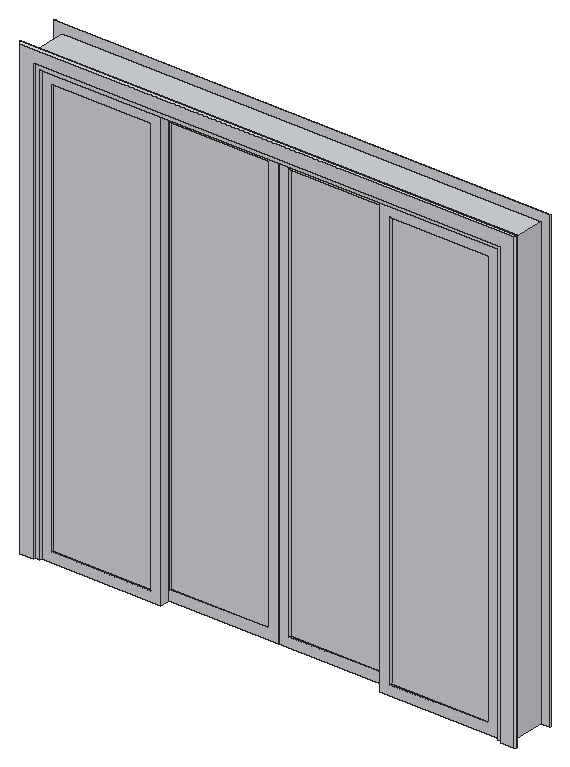
Revit family "Porta veneziana corrediça quádrupla com revestimento", category Portas, Revit 2019
Family settings
  Hospedeiro = Parede
  Número OmniClass = 23.30.10.00
  Título OmniClass = Doors
  Sempre na vertical = Sim
  Corte com vazios quando carregada = Não
  Compartilhado = Não
  Ponto de cálculo do ambiente = Não
Parameters (values of type "2320 x 2180mm")
  Visual Light Transmittance = 0
  Largura da apara = 70 mm
  Espessura da apara = 10 mm
  Material da apara = none
  Espessura = Espessura da moldura do painel * 2 + 10 mm  # 90 mm
  Solar Heat Gain Coefficient = 0
  Rough Width = Width  # 2320 mm
  Rough Height = Height  # 2180 mm
  Largura da moldura do painel = 50 mm
  Espessura da moldura do painel = 40 mm
  ID do tipo de construção = ""
  Coeficiente de transferência de calor (U) = 3.7021 W/(m²·K)
  Largura do puxador = 40 mm
  Material do puxador = none
  Material do painel = none
  Altura do puxador = 200 mm
  Função = Exterior
  Largura da estrutura = 50 mm
  Height = 2180 mm
  Fechamento da parede = Por hospedeiro
  Width = 2320 mm
  Material da moldura = none
  Construção analítica = Metal
Types (5, lengths in mm): name | Rough Width | Width
  (no name) | 2320 | 2320
  2320 x 2180mm | 2320 | 2320
  2720 x 2180mm | 2720 | 2720
  3120 x 2180mm | 3120 | 3120
  3520 x 2180mm | 3520 | 3520
Reference planes
  plane 1: y = 0
  plane 2 "Centro (Esquerda/Direita)": x = 0
  plane 3 "Esquerda": x = -1160
  plane 4 "Direita": x = 1160
  plane 5: z = 2180
  plane 6 "Exterior": y = 100
  plane 7 "Interior": y = -100
  plane 8: x = -1110
  plane 9: x = -1060
  plane 10: x = 1060
  plane 11: x = 1110
  plane 12: y = -50
  plane 13: z = 0
  plane 14: z = 2130
  plane 15: z = 1065
  plane 16: x = 555
  plane 17: x = -555
  plane 18: z = 1100
  plane 19: y = -90
  plane 20: y = -40
  plane 21: y = 0
  plane 22: y = -70
  plane 23: y = -20
  plane 24: y = -8
  plane 25: y = -32
  plane 26: y = -58
  plane 27: y = -82
  plane 28: x = -580
  plane 29: x = -530
  plane 30: x = 580
  plane 31: x = 530
  plane 32: x = -50
  plane 33: x = 50
  plane 34: x = 290
  plane 35: x = -290
  plane 36: z = 2080
  plane 37: z = 50
  plane 38: z = 900
  plane 39: x = -25
  plane 40: x = 25
  plane 41: z = 1000
  plane 42: z = 800
  plane 43: x = 45
  plane 44: x = 5
  plane 45: x = -5
  plane 46: x = -45
  plane 47: z = 962
  plane 48: z = 838
  plane 49: x = 42
  plane 50: x = 8
  plane 51: x = -8
  plane 52: x = -42
  plane 53: x = 427.5
  plane 54: x = 152.5
  plane 55: through (427.5, 300, 1065) normal (0.5, 0, 0.866)
  plane 56: through (427.5, 300, 1065) normal (-0.5, 0, 0.866)
  plane 57: x = -427.5
  plane 58: x = -152.5
  plane 59: through (-427.5, 300, 1065) normal (0.5, 0, -0.866)
  plane 60: through (-427.5, 300, 1065) normal (-0.5, 0, -0.866)
Forms (mm)
  Sweep 1, solid, material <- "Material da moldura"
    path origin (0, 100, 0) x (1, 0, 0) y (0, 0, 1)
      loop
        line (1160, 0) -> (1160, 2180) -> (-1160, 2180) -> (-1160, 0)
    profile origin (1160, 100, 1090) x (-1, 0, 0) y (0, -1, 0)
      loop
        line (0, 0) -> (50, 0) -> (50, 200) -> (0, 200) -> (0, 0)
  Sweep 2, solid, material <- "Material da moldura"
    path origin (0, 100, 0) x (-1, 0, 0) y (0, 0, 1)
      loop
        line (0, 0) -> (580, 0) -> (580, 2130) -> (0, 2130) -> (0, 0)
    profile origin (0, 100, 1065) x (-1, 0, 0) y (0, -1, 0)
      loop
        line (50, 140) -> (0, 140) -> (0, 100) -> (50, 100) -> (50, 140)
  Extrusion 3, solid, material <- "Material do painel"
    sketch origin (0, 0, 0) x (-1, 0, 0) y (0, -1, 0)
      loop
        line (1060, 58) -> (1060, 82) -> (580, 82) -> (580, 58) -> (1060, 58)
      loop
        line (530, 8) -> (530, 32) -> (50, 32) -> (50, 8) -> (530, 8)
    from 50 to 2080
  Extrusion 4, solid, material <- "Material do painel"
    sketch origin (0, 0, 0) x (1, 0, 0) y (0, 1, 0)
      loop
        line (50, -8) -> (50, -32) -> (530, -32) -> (530, -8) -> (50, -8)
      loop
        line (580, -58) -> (580, -82) -> (1060, -82) -> (1060, -58) -> (580, -58)
    from 50 to 2080
  Sweep 5, solid, material <- "Material da moldura"
    path origin (0, 100, 100) x (1, 0, 0) y (0, 0, 1)
      loop
        line (1110, -100) -> (1110, 2030) -> (530, 2030) -> (530, -100) -> (1110, -100)
    profile origin (1110, 100, 1065) x (-1, 0, 0) y (0, -1, 0)
      loop
        line (50, 190) -> (0, 190) -> (0, 150) -> (50, 150) -> (50, 190)
  Sweep 6, solid, material <- "Material da moldura"
    path origin (0, 100, 100) x (-1, 0, 0) y (0, 0, 1)
      loop
        line (1110, -100) -> (1110, 2030) -> (530, 2030) -> (530, -100) -> (1110, -100)
    profile origin (-1110, 100, 1065) x (-1, 0, 0) y (0, -1, 0)
      loop
        line (0, 150) -> (0, 190) -> (-50, 190) -> (-50, 150) -> (0, 150)
  Sweep 7, solid, material <- "Material da moldura"
    path origin (0, 180, 0) x (1, 0, 0) y (0, 0, 1)
      loop
        line (0, 0) -> (580, 0) -> (580, 2130) -> (0, 2130) -> (0, 0)
    profile origin (0, 180, 1065) x (-1, 0, 0) y (0, -1, 0)
      loop
        line (0, 180) -> (0, 220) -> (-50, 220) -> (-50, 180) -> (0, 180)
  Extrusion 8, solid, material <- "Material do painel", detail levels medium+fine
    sketch origin (107.51, 280.074, 0) x (-1, 0, 0) y (0, -1, 0)
      loop
        line (1167.51, 338.074) -> (1167.51, 362.074) -> (687.51, 362.074) -> (687.51, 338.074) -> (1167.51, 338.074)
      loop
        line (637.51, 312.074) -> (157.51, 312.074) -> (157.51, 288.074) -> (637.51, 288.074) -> (637.51, 312.074)
    from 50 to 2080
  Extrusion 9, solid, material <- "Material do painel", detail levels medium+fine
    sketch origin (107.51, 280.074, 0) x (1, 0, 0) y (0, 1, 0)
      loop
        line (-57.51, -288.074) -> (-57.51, -312.074) -> (422.49, -312.074) -> (422.49, -288.074) -> (-57.51, -288.074)
      loop
        line (472.49, -362.074) -> (952.49, -362.074) -> (952.49, -338.074) -> (472.49, -338.074) -> (472.49, -362.074)
    from 50 to 2080
  Sweep 10, solid, material <- "Material da apara", detail levels fine
    path origin (0, -100, 0) x (1, 0, 0) y (0, 0, 1)
      loop
        line (1160, 0) -> (1160, 2180) -> (-1160, 2180) -> (-1160, 0)
    profile "Perfil da apara : Perfil da apara" origin (1160, -100, 1090) x (-1, 0, 0) y (0, -1, 0)
      loop
        line (-43, 0) -> (27, 0) -> (27, 10) -> (-37, 10) -> (-43, 4) -> (-43, 0)
  Sweep 11, solid, material <- "Material da apara", detail levels fine
    path origin (0, 100, 0) x (1, 0, 0) y (0, 0, 1)
      loop
        line (1160, 0) -> (1160, 2180) -> (-1160, 2180) -> (-1160, 0)
    profile "Perfil da apara : Perfil da apara" origin (1160, 100, 1090) x (-1, 0, 0) y (0, -1, 0)
      loop
        line (-43, 0) -> (-43, -4) -> (-37, -10) -> (27, -10) -> (27, 0) -> (-43, 0)
Lines and regions (mm)
  Opening 1
    outline origin (-3050, -100, 0) x (1, 0, 0) y (0, 0, 1)
      loop
        line (1890, 0) -> (4210, 0) -> (4210, 2180) -> (1890, 2180) -> (1890, 0)
  symbolic lines, style "Giro da elevação"
    curve 1: line (-580, 100, 2130) -> (0, 100, 0)
    curve 2: line (0, 100, 0) -> (580, 100, 2130)
    curve 3: line (580, 100, 0) -> (0, 100, 2130)
    curve 4: line (0, 100, 2130) -> (-580, 100, 0)
  symbolic lines, style "Seta"
    curve 5: line (152.5, 100, 1065) -> (427.5, 100, 1065)
    curve 6: line (427.5, 100, 1065) -> (349.558, 100, 1110)
    curve 7: line (427.5, 100, 1065) -> (349.558, 100, 1020)
    curve 8: line (-152.5, 100, 1065) -> (-427.5, 100, 1065)
    curve 9: line (-427.5, 100, 1065) -> (-349.558, 100, 1110)
    curve 10: line (-427.5, 100, 1065) -> (-349.558, 100, 1020)
Text (mm)
  text "Externo" at (-2295.016, 1099.543, 0), in view "Nível de referência"
  text "Externo" at (0, 1615.38, 3698.081), in view "Esquerda"
  text "Externo" at (0, 1036.032, 3874.932), in view "Direita"
Dimensions and locks
  equal spacing: plane 3 "Esquerda", plane 2 "Centro (Esquerda/Direita)", plane 4 "Direita"
  "Width": plane 3 "Esquerda" to plane 4 "Direita"
  "Height": host wall to plane 5
  host wall to plane 5 = 2180 mm
  locked: plane 6 "Exterior" to host wall at 0
  locked: plane 7 "Interior" to host wall
  "Largura da estrutura": plane 3 "Esquerda" to plane 8
  "Largura da estrutura": plane 11 to plane 4 "Direita"
  "Largura da moldura do painel": plane 8 to plane 9
  "Largura da moldura do painel": plane 10 to plane 11
  "Largura da estrutura": plane 14 to plane 5
  equal spacing: plane 31, plane 16, plane 30
  equal spacing: plane 28, plane 17, plane 29
  "Largura da moldura do painel": plane 28 to plane 29
  "Largura da moldura do painel": plane 31 to plane 30
  "Largura da moldura do painel": plane 32 to plane 2 "Centro (Esquerda/Direita)"
  "Largura da moldura do painel": plane 2 "Centro (Esquerda/Direita)" to plane 33
  equal spacing: plane 2 "Centro (Esquerda/Direita)", plane 16, plane 11
  equal spacing: plane 8, plane 17, plane 2 "Centro (Esquerda/Direita)"
  equal spacing: plane 30, plane 34, plane 2 "Centro (Esquerda/Direita)"
  equal spacing: plane 2 "Centro (Esquerda/Direita)", plane 35, plane 28
  locked: plane 20 to plane 12 at 10
  "Espessura da moldura do painel": plane 12 to plane 19
  equal spacing: plane 12, plane 22, plane 19
  plane 26 to plane 22 to plane 27 = 12 mm locked, 12 mm locked
  locked: plane 19 to plane 7 "Interior" at 10
  "Espessura da moldura do painel": plane 21 to plane 20
  equal spacing: plane 21, plane 23, plane 20
  plane 24 to plane 23 to plane 25 = 12 mm locked, 12 mm locked
  "Largura da moldura do painel": plane 14 to plane 36
  "Largura da moldura do painel": plane 13 to plane 37
  equal spacing: plane 37, plane 15, plane 36
  locked: plane 13 to plane 38 at 900
  equal spacing: plane 32, plane 39, plane 2 "Centro (Esquerda/Direita)"
  equal spacing: plane 2 "Centro (Esquerda/Direita)", plane 40, plane 33
  equal spacing: plane 42, plane 38, plane 41
  "Altura do puxador": plane 42 to plane 41
  equal spacing: plane 46, plane 39, plane 45
  equal spacing: plane 44, plane 40, plane 43
  "Largura do puxador": plane 44 to plane 43
  "Largura do puxador": plane 46 to plane 45
  locked: plane 47 to plane 41 at 38
  locked: plane 42 to plane 48 at 38
  locked: plane 49 to plane 43 at 3
  locked: plane 44 to plane 50 at 3
  locked: plane 51 to plane 45 at 3
  locked: plane 46 to plane 52 at 3
  equal spacing: plane 54, plane 34, plane 53
  locked: plane 54 to plane 53 at 275
  locked: curve 6 to curve 7 at 90
  locked: curve 7 to curve 7 at 90
  equal spacing: plane 58, plane 35, plane 57
  locked: plane 58 to plane 57 at 275
  locked: curve 9 to curve 10 at 90
  locked: curve 10 to curve 10 at 90
  locked: plane 15 to plane 55 (angle 30.00°)
  locked: plane 56 to plane 15 (angle 30.00°)
  locked: plane 59 to plane 15 (angle 30.00°)
  locked: plane 15 to plane 60 (angle 30.00°)
  aligned and locked: plane 3 "Esquerda" to Opening 1 sketch curve
  aligned and locked: plane 5 to Opening 1 sketch curve  (x2)
  aligned and locked: Opening 1 sketch curve to plane 4 "Direita"
  aligned and locked: Opening 1 sketch curve to level
  aligned and locked: plane 1 to host wall
  aligned and locked: plane 13 to level
  aligned and locked: Sweep 1 sketch curve to plane 3 "Esquerda"
  aligned and locked: plane 5 to Sweep 1 sketch curve
  aligned and locked: plane 4 "Direita" to Sweep 1 sketch curve
  aligned and locked: Sweep 1 sketch curve to profile plane
  aligned and locked: Sweep 1 sketch curve to host wall
  aligned and locked: host wall to Sweep 1 sketch curve
  aligned and locked: Sweep 1 sketch curve to plane 11
  aligned and locked: Sweep 2 sketch curve to plane 14
  aligned and locked: plane 13 to Sweep 2 sketch curve
  aligned and locked: plane 9 to Extrusion 3 sketch curve
  aligned and locked: Extrusion 3 sketch curve to plane 24
  aligned and locked: plane 25 to Extrusion 3 sketch curve
  aligned and locked: Extrusion 3 sketch curve to plane 26
  aligned and locked: plane 27 to Extrusion 3 sketch curve
  aligned and locked: Extrusion 3 sketch curve to plane 28
  aligned and locked: plane 28 to Sweep 2 sketch curve
  aligned and locked: Sweep 2 sketch curve to plane 2 "Centro (Esquerda/Direita)"
  aligned and locked: Sweep 2 sketch curve to plane 20
  aligned and locked: Sweep 2 sketch curve to plane 32
  aligned and locked: plane 21 to Sweep 2 sketch curve
  aligned and locked: profile plane to Sweep 2 sketch curve
  aligned and locked: plane 29 to Extrusion 3 sketch curve
  aligned and locked: Extrusion 3 sketch curve to plane 32
  aligned and locked: profile plane to Sweep 5 sketch curve
  aligned and locked: plane 14 to curve 1
  aligned and locked: plane 28 to curve 1
  aligned and locked: plane 14 to curve 4
  aligned and locked: plane 14 to curve 2
  aligned and locked: plane 2 "Centro (Esquerda/Direita)" to curve 4
  aligned and locked: plane 30 to curve 2
  aligned and locked: plane 13 to curve 4
  aligned and locked: plane 28 to curve 4
  aligned and locked: plane 2 "Centro (Esquerda/Direita)" to curve 2
  aligned and locked: plane 13 to curve 2
  aligned and locked: plane 30 to curve 3
  aligned and locked: Sweep 5 sketch curve to plane 10
  aligned and locked: plane 19 to Sweep 5 sketch curve
  aligned and locked: Sweep 5 sketch curve to plane 12
  aligned and locked: plane 33 to Extrusion 4 sketch curve
  aligned and locked: Extrusion 4 sketch curve to plane 31
  aligned and locked: Extrusion 4 sketch curve to plane 26
  aligned and locked: plane 30 to Extrusion 4 sketch curve
  aligned and locked: Extrusion 4 sketch curve to plane 27
  aligned and locked: Extrusion 4 sketch curve to plane 10
  aligned and locked: Sweep 5 sketch curve to plane 14
  aligned and locked: plane 13 to Sweep 5 sketch curve
  aligned and locked: plane 36 to Extrusion 3
  aligned and locked: plane 36 to Extrusion 4
  aligned and locked: plane 13 to Sweep 1 sketch curve  (x2)
  aligned and locked: plane 14 to Sweep 6 sketch curve
  aligned and locked: Sweep 6 sketch curve to plane 8
  aligned and locked: plane 29 to Sweep 6 sketch curve
  aligned and locked: Sweep 6 sketch curve to plane 13
  aligned and locked: Sweep 6 sketch curve to plane 12
  aligned and locked: profile plane to Sweep 6 sketch curve
  aligned and locked: Extrusion 3 to plane 36  (x4)
  aligned and locked: Extrusion 4 to plane 36  (x4)
  aligned and locked: Extrusion 3 to plane 37
  aligned and locked: Extrusion 4 to plane 37
  aligned and locked: plane 39 to nested 1
  aligned and locked: plane 40 to nested 2
  aligned and locked: nested 2 to plane 21
  aligned and locked: nested 1 to plane 21
  aligned and locked: plane 38 to nested 1
  aligned and locked: plane 38 to nested 2
  aligned and locked: plane 14 to Sweep 7 sketch curve
  aligned and locked: plane 30 to Sweep 7 sketch curve
  aligned and locked: Sweep 7 sketch curve to plane 2 "Centro (Esquerda/Direita)"
  aligned and locked: Sweep 7 sketch curve to plane 13
  aligned and locked: plane 2 "Centro (Esquerda/Direita)" to Sweep 7 sketch curve
  aligned and locked: Sweep 7 sketch curve to plane 33
  aligned and locked: plane 20 to Sweep 7 sketch curve
  aligned and locked: Sweep 7 sketch curve to plane 21
  aligned and locked: Sweep 6 to plane 19
  aligned and locked: plane 19 to Sweep 6 sketch curve
  aligned and locked: plane 15 to curve 5
  aligned and locked: curve 6 to plane 55
  aligned and locked: curve 7 to plane 56
  aligned and locked: curve 8 to plane 15
  aligned and locked: curve 9 to plane 59
  aligned and locked: curve 10 to plane 60
  aligned and locked: Extrusion 9 sketch curve to plane 24
  aligned and locked: plane 25 to Extrusion 9 sketch curve
  aligned and locked: plane 26 to Extrusion 9 sketch curve
  aligned and locked: plane 27 to Extrusion 9 sketch curve
  aligned and locked: Extrusion 9 sketch curve to plane 30
  aligned and locked: plane 10 to Extrusion 9 sketch curve
  aligned and locked: Extrusion 9 sketch curve to plane 31
  aligned and locked: plane 33 to Extrusion 9 sketch curve
  aligned and locked: plane 29 to Extrusion 8 sketch curve
  aligned and locked: Extrusion 8 sketch curve to plane 28
  aligned and locked: plane 24 to Extrusion 8 sketch curve
  aligned and locked: Extrusion 8 sketch curve to plane 25
  aligned and locked: plane 32 to Extrusion 8 sketch curve
  aligned and locked: Extrusion 8 sketch curve to plane 26
  aligned and locked: plane 27 to Extrusion 8 sketch curve
  aligned and locked: plane 9 to Extrusion 8 sketch curve
  aligned and locked: plane 36 to Extrusion 8
  aligned and locked: Extrusion 8 to plane 37
  aligned and locked: plane 37 to Extrusion 3  (x2)
  aligned and locked: plane 36 to Extrusion 9
  aligned and locked: Extrusion 9 to plane 37
  aligned and locked: plane 37 to Extrusion 4  (x2)
  aligned and locked: plane 3 "Esquerda" to Sweep 10 sketch curve
  aligned and locked: Sweep 10 sketch curve to plane 4 "Direita"
  aligned and locked: Sweep 10 sketch curve to plane 13
  aligned and locked: plane 13 to Sweep 10 sketch curve
  aligned and locked: Sweep 10 sketch curve to plane 5
  aligned and locked: plane 4 "Direita" to Sweep 11 sketch curve
  aligned and locked: plane 5 to Sweep 11 sketch curve
  aligned and locked: Sweep 11 sketch curve to plane 3 "Esquerda"
Automatic sketch dimensions
  curve 8 to plane 58 = 0 mm
  plane 54 to curve 5 = 0 mm
  curve 3 to level = 0 mm
  Extrusion 4 sketch curve to plane 25 = 0 mm
  Extrusion 4 sketch curve to plane 24 = 0 mm
  Sweep 5 sketch curve to plane 31 = 0 mm
  Sweep 5 sketch curve to plane 11 = 0 mm
  profile plane to Sweep 6 sketch curve = 50 mm
  Sweep 11 sketch curve to level = 0 mm  (x2)
Nested families
  nested 1: "Maçaneta da porta 3" at (-25, 0, 900), type "Maçaneta da porta 3", detail levels fine
  nested 2: "Maçaneta da porta 3" at (25, 0, 900), type "Maçaneta da porta 3", detail levels fine
Definition of nested family "Maçaneta da porta 3"
  Parameters
    Width = 40 mm
    Thickness = 3 mm
    Rough Width = Width  # 40 mm
    Rough Height = Height  # 200 mm
    Height = 200 mm
    Material do puxador = none
  Reference planes
    plane 1 "Centro (Frente/Trás)": y = 0
    plane 2: z = 0
    plane 3 "Centro (Esquerda/Direita)": x = 0
    plane 4: x = -20
    plane 5: x = 20
    plane 6: y = 3
    plane 7: z = 100
    plane 8: z = -100
    plane 9: y = -10
    plane 10: x = 15
    plane 11: x = -15
    plane 12: z = 60
    plane 13: z = -60
    plane 14: z = 85
    plane 15: z = -85
    plane 16: z = 62
    plane 17: x = 17
    plane 18: x = -17
    plane 19: z = -62
    plane 20: y = -8
    plane 21: y = -15
  Forms (mm)
    Extrusion 1, solid, material <- "Material do puxador"
      sketch origin (0, 0, 0) x (1, 0, 0) y (0, 0, 1)
        loop
          line (10, 100) -> (-10, 100)
          arc (-10, 100) -> (-17.071, 97.071) -> (-20, 90) r 10
          line (-20, 90) -> (-20, -90)
          arc (-20, -90) -> (-17.071, -97.071) -> (-10, -100) r 10
          line (-10, -100) -> (10, -100)
          arc (10, -100) -> (17.071, -97.071) -> (20, -90) r 10
          line (20, -90) -> (20, 90)
          arc (20, 90) -> (17.071, 97.071) -> (10, 100) r 10
        loop
          line (10, 60) -> (-10, 60)
          arc (-10, 60) -> (-13.536, 58.536) -> (-15, 55) r 5
          line (-15, 55) -> (-15, -55)
          arc (-15, -55) -> (-13.536, -58.536) -> (-10, -60) r 5
          line (-10, -60) -> (10, -60)
          arc (10, -60) -> (13.536, -58.536) -> (15, -55) r 5
          line (15, -55) -> (15, 55)
          arc (15, 55) -> (13.536, 58.536) -> (10, 60) r 5
        loop
          circle (0, 85) r 5
        loop
          circle (0, -85) r 5
      from -3 to 0
    Extrusion 2, solid, material <- "Material do puxador"
      sketch origin (0, 0, 0) x (1, 0, 0) y (0, 0, 1)
        loop
          arc (-10, 60) -> (-13.536, 58.536) -> (-15, 55) r 5
          line (-15, 55) -> (-15, -55)
          arc (-15, -55) -> (-13.536, -58.536) -> (-10, -60) r 5
          line (-10, -60) -> (10, -60)
          arc (10, -60) -> (13.536, -58.536) -> (15, -55) r 5
          line (15, -55) -> (15, 55)
          arc (15, 55) -> (13.536, 58.536) -> (10, 60) r 5
          line (10, 60) -> (-10, 60)
        loop
          arc (-10, 62) -> (-14.95, 59.95) -> (-17, 55) r 7
          line (-17, 55) -> (-17, -55)
          arc (-17, -55) -> (-14.95, -59.95) -> (-10, -62) r 7
          line (-10, -62) -> (10, -62)
          arc (10, -62) -> (14.95, -59.95) -> (17, -55) r 7
          line (17, -55) -> (17, 55)
          arc (17, 55) -> (14.95, 59.95) -> (10, 62) r 7
          line (10, 62) -> (-10, 62)
      from 0 to 10
    Extrusion 3, solid, material <- "Material do puxador"
      sketch origin (0, 0, 0) x (1, 0, 0) y (0, 0, 1)
        loop
          arc (-10, 60) -> (-13.536, 58.536) -> (-15, 55) r 5
          line (-15, 55) -> (-15, -55)
          arc (-15, -55) -> (-13.536, -58.536) -> (-10, -60) r 5
          line (-10, -60) -> (10, -60)
          arc (10, -60) -> (13.536, -58.536) -> (15, -55) r 5
          line (15, -55) -> (15, 55)
          arc (15, 55) -> (13.536, 58.536) -> (10, 60) r 5
          line (10, 60) -> (-10, 60)
      from 8 to 10
    Extrusion 4, void
      sketch origin (0, 0, 0) x (1, 0, 0) y (0, 0, 1)
        loop
          line (-17, 62) -> (-17, -62) -> (17, -62) -> (17, 62) -> (-17, 62)
      from 0 to 15
  Cuts and joins
    Extrusion 4 cuts Extrusion 1
    Extrusion 4 cuts Extrusion 2
    Extrusion 4 cuts Extrusion 3
    joined: Extrusion 1, Extrusion 2, Extrusion 3
  Dimensions and locks
    equal spacing: plane 4, plane 3 "Centro (Esquerda/Direita)", plane 5
    "Thickness": plane 6 to plane 1 "Centro (Frente/Trás)"
    "Width": plane 4 to plane 5
    equal spacing: plane 7, plane 2, plane 8
    "Height": plane 7 to plane 8
    locked: plane 10 to plane 5 at 5
    locked: plane 4 to plane 11 at 5
    locked: plane 8 to plane 13 at 40
    locked: plane 12 to plane 7 at 40
    locked: plane 14 to plane 7 at 15
    locked: plane 8 to plane 15 at 15
    locked: plane 9 to cut or joined group of Extrusion 1, Extrusion 2, Extrusion 3, Extrusion 4 at 10
    locked: plane 18 to plane 11 at 2
    locked: plane 19 to plane 13 at 2
    locked: plane 12 to plane 16 at 2
    locked: plane 10 to plane 17 at 2
    locked: plane 20 to plane 9 at 2
    locked: plane 9 to plane 21 at 5
    radius of Extrusion 1 sketch curve = 10 mm  (x4)
    radius of Extrusion 1 sketch curve = 5 mm  (x6)
    radius of Extrusion 2 sketch curve = 7 mm  (x4)
    aligned and locked: level to plane 2
    aligned and locked: plane 7 to Extrusion 1 sketch curve
    aligned and locked: plane 5 to Extrusion 1 sketch curve
    aligned and locked: Extrusion 1 sketch curve to plane 8
    aligned and locked: Extrusion 1 sketch curve to plane 4
    aligned and locked: plane 12 to Extrusion 1 sketch curve
    aligned and locked: Extrusion 1 sketch curve to plane 10
    aligned and locked: Extrusion 1 sketch curve to plane 13
    aligned and locked: plane 11 to Extrusion 1 sketch curve
    aligned and locked: plane 6 to Extrusion 1
    aligned and locked: plane 1 "Centro (Frente/Trás)" to Extrusion 1
    aligned and locked: plane 14 to Extrusion 1 sketch curve
    aligned and locked: plane 3 "Centro (Esquerda/Direita)" to Extrusion 1 sketch curve  (x2)
    aligned and locked: plane 15 to Extrusion 1 sketch curve
    aligned and locked: Extrusion 2 sketch curve to Extrusion 1  (x4)
    aligned and locked: Extrusion 2 to plane 1 "Centro (Frente/Trás)"
    aligned and locked: Extrusion 2 to plane 9
    aligned and locked: plane 16 to Extrusion 2 sketch curve
    aligned and locked: Extrusion 2 sketch curve to plane 17
    aligned and locked: plane 19 to Extrusion 2 sketch curve
    aligned and locked: Extrusion 2 sketch curve to plane 18
    aligned and locked: Extrusion 3 sketch curve to cut or joined group of Extrusion 1, Extrusion 2, Extrusion 3, Extrusion 4  (x4)
    aligned and locked: plane 20 to Extrusion 3
    aligned and locked: Extrusion 3 to plane 9
    aligned and locked: Extrusion 4 sketch curve to plane 16
    aligned and locked: plane 18 to Extrusion 4 sketch curve
    aligned and locked: Extrusion 4 sketch curve to plane 19
    aligned and locked: plane 17 to Extrusion 4 sketch curve
    aligned and locked: Extrusion 4 to plane 1 "Centro (Frente/Trás)"
    aligned and locked: Extrusion 4 to plane 21
  Automatic sketch dimensions
    Extrusion 1 sketch curve to plane 4 = 0 mm
    Extrusion 1 sketch curve to plane 5 = 0 mm
